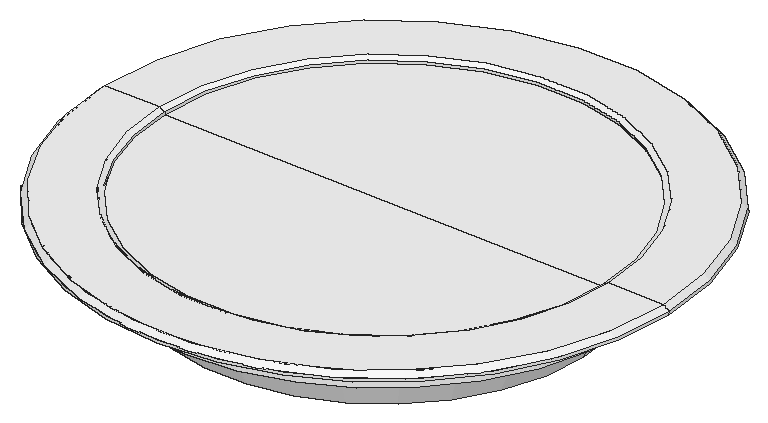
Revit family "0053882 Sylvania Lighting Fixture START eco Downlight Flat 2000lm 840", category Lighting Fixtures, host Face, Revit 2016
Family settings
  Host = Face
  Part Type = Normal
  Round Connector Dimension = Use Diameter
  OmniClass Number = 23.80.70.11.14.11
  OmniClass Title = Downlights
  Cut with Voids When Loaded = No
  Light Source = Yes
  Shared = No
  Room Calculation Point = No
Parameters (values of type "0053882 START eco Downlight Flat 2000lm 840 ")
  Weight = "5.712 kg"
  Wattage Comments = "n/a"
  Wattage = 23 W
  WarrantyStartDate [instance] = "n/a"
  WarrantyGuarantorParts = "n/a"
  WarrantyDurationUnit = "year"
  WarrantyDurationParts = "n/a"
  WarrantyDescription = "n/a"
  built-in parameter 1150110 = 1 (stored number, unit not read)
  Voltage = 230 V
  URL = "http://www.feilosylvania.com"
  TypeName = "START eco Downlight Flat 2000lm 840"
  Type Image = <None>
  Type Comments = "n/a"
  built-in parameter 1114217 = 1 (stored number, unit not read)
  Tilt Angle = -90.00°
  built-in parameter 1150109 = 1 (stored number, unit not read)
  built-in parameter 1150134 = 12
  built-in parameter 1150113 = 1 (stored number, unit not read)
  SerialNumber [instance] = "n/a"
  ReflectorMaterial = none
  RecessedHeight_FEILO = 27 mm
  RecessedDiameter_FEILO = 200 mm
  PowerFactor = 0
  PowerConsumption = "23 W"
  Photometric Web File = "0053297.ies"
  NominalLength = 220 mm
  NominalHeight = 27 mm
  NominalDepth = 220 mm
  Name = "START eco Downlight Flat 2000lm 840"
  ModelReference = Name  # "START eco Downlight Flat 2000lm 840"
  ModelNumber = "0053882"
  Model = Name  # "START eco Downlight Flat 2000lm 840"
  Material = "Polycarbonate"
  ManufacturerName = "Feilo Sylvania"
  Manufacturer = "Feilo Sylvania"
  LuminousEfficacy = "87 lm/W"
  built-in parameter 1150105 = 693.09 (stored number, unit not read)
  Lumens = 2001 lm
  LuminaireType = "LED recessed downlight"
  built-in parameter 1150115 = 1 (stored number, unit not read)
  LightOutputRatio = "1"
  built-in parameter 1150137 = (empty or 0)
  built-in parameter 1150139 = (empty or 0)
  LampsType = Lamp  # "LED"
  LampNominalLuminous = "2000 lm"
  LampMacAdamStep = "5"
  LampColourTemperature = "3000 K"
  LampColourRenderingIndex = "80"
  built-in parameter 1150112 = 1 (stored number, unit not read)
  built-in parameter 1150114 = 1 (stored number, unit not read)
  Lamp = "LED"
  Keynote = "16500"
  InstallationDate [instance] = "n/a"
  InputVoltage = "220-240V~"
  InputNominalFrequency = "50/60 Hz"
  built-in parameter 1150132 = (empty or 0)
  built-in parameter 1150102 = (empty or 0)
  built-in parameter 1150107 = 4000 (stored number, unit not read)
  built-in parameter 1150138 = (empty or 0)
  IngressProtection = "IP20"
  ImpactProtectionIndex = "IK06"
  built-in parameter 1150106 = 6.9309 (stored number, unit not read)
  IfcExportType = "IfcLightFixtureType"
  IfcExportAs = "IfcLightFixtureType"
  ExpectedLife = 50000
  Emit from Circle Diameter = BodyLength_FEILO - 48 mm  # 180 mm
  Emit Shape Visible in Rendering = no
  ElectricShockClassification = "Class II"
  built-in parameter 1150104 = 8.0826 (stored number, unit not read)
  DurationUnit = "hours"
  DocumentationLiterature = "http://www.feilosylvania.com/product/en-int/products/0053297"
  DimmingControlOptions = "Non dimmable"
  Dimming Lamp Color Temperature Shift = <None>
  DiffuserMaterial = Diffuser-Sylvania-Glow
  Description = "Integrated round recessed 220mm diameter LED downlight providing uniform distribution with an opal diffuser, 110° beam angle, 2000LM, 23W, 87lm/W, 4000K, CRI80, non-dimmable, IP20, IK06, 25,000hrs (L70)"
  Default Elevation = 1219.2 mm
  CutoutHeight_FEILO = RecessedHeight_FEILO + 10 mm  # 37 mm
  CreatedOn = "'03-11-2017"
  CreatedBy = "aron.fodor@feilosylvania.com"
  Cost = 0
  Color Filter = 16777215
  built-in parameter 1114216 [instance] = (empty or 0)
  ClassificationValue = "EF_70_80"
  ClassificationName = "Uniclass2015"
  BodyWidth_FEILO = BodyLength_FEILO  # 228 mm
  BodyMaterial = Body-Sylvania-SylFlatDimmable-White
  BodyLength_FEILO = 228 mm
  BarCode [instance] = "n/a"
  built-in parameter 1114218 = 1 (stored number, unit not read)
  built-in parameter 1150133 = 10 (stored number, unit not read)
  AssetType = "Fixed"
  AssetIdentifier [instance] = "n/a"
  Assembly Code = "D5020200"
  Apparent Load = 0 VA
  AccessoryMaterial = Diffuser-Sylvania-Glow
Reference planes
  plane 1 "Center (Front/Back)": y = 0
  plane 2: z = 0
  plane 3 "Center (Left/Right)": x = 0
  plane 4: x = 114
  plane 5: x = -114
  plane 6: y = 114
  plane 7: y = -114
  plane 8: z = 3
  plane 9: z = -27
  plane 10: x = 100
  plane 11: x = -100
  plane 12: y = 100
  plane 13: y = -100
  plane 14: z = 2
  plane 15: x = -90
  plane 16: z = -27
  plane 17: z = -37
  plane 18: x = -80
  plane 19: z = -10
  plane 20: z = 1
  plane 21: x = -112
  plane 22: x = -88
Forms (mm)
  Revolve 1, void
    sketch origin (0, 0, 0) x (1, 0, 0) y (0, 0, 1)
      loop
        line (0, 0) -> (-100, 0) -> (-100, -37) -> (0, -37) -> (0, 0)
      axis (0, 0) -> (0, -37)
    angle from 360 to 0
  Revolve 2, solid, material "Body-Sylvania-SylFlatDimmable-White" <- "BodyMaterial"
    sketch origin (0, 0, 0) x (1, 0, 0) y (0, 0, 1)
      loop
        line (0, 1) -> (-88, 1) -> (-88, 2) -> (-90, 3) -> (-112, 3) -> (-114, 1) -> (-114, 0) -> (-100, 0) -> (-100, -10) -> (-90, -10) -> (-80, -27) -> (0, -27) -> (0, 1)
      axis (0, 3) -> (0, -27)
    angle from 360 to 0
Dimensions and locks
  equal spacing: plane 5, plane 3 "Center (Left/Right)", plane 4
  equal spacing: plane 7, plane 1 "Center (Front/Back)", plane 6
  "BodyWidth_FEILO": plane 7 to plane 6
  "BodyLength_FEILO": plane 5 to plane 4
  locked: plane 8 to plane 2 at 3
  equal spacing: plane 11, plane 3 "Center (Left/Right)", plane 10
  "RecessedDiameter_FEILO": plane 11 to plane 10
  equal spacing: plane 13, plane 1 "Center (Front/Back)", plane 12
  "RecessedDiameter_FEILO": plane 13 to plane 12
  locked: plane 14 to plane 2 at 2
  locked: plane 15 to plane 5 at 24
  "RecessedHeight_FEILO": plane 2 to plane 16
  "CutoutHeight_FEILO": plane 2 to plane 17
  locked: plane 18 to plane 15 at 10
  locked: plane 2 to plane 19 at 10
  locked: plane 20 to plane 2 at 1
  locked: plane 21 to plane 5 at 2
  locked: plane 22 to plane 15 at 2
  aligned and locked: plane 2 to host face
  aligned and locked: level to host face
  aligned and locked: Revolve 1 sketch curve to plane 3 "Center (Left/Right)"
  aligned and locked: plane 17 to Revolve 1 sketch curve
  aligned and locked: plane 3 "Center (Left/Right)" to Revolve 1 sketch curve
  aligned and locked: Revolve 1 sketch curve to plane 11
  aligned and locked: level to Revolve 1 sketch curve
  aligned and locked: Revolve 2 sketch curve to plane 8
  aligned and locked: plane 5 to Revolve 2 sketch curve
  aligned and locked: Revolve 2 sketch curve to level
  aligned and locked: Revolve 2 sketch curve to plane 11
  aligned and locked: plane 19 to Revolve 2 sketch curve
  aligned and locked: plane 9 to Revolve 2 sketch curve
  aligned and locked: plane 3 "Center (Left/Right)" to Revolve 2 sketch curve
  aligned and locked: Revolve 2 sketch curve to plane 3 "Center (Left/Right)"
  aligned and locked: plane 3 "Center (Left/Right)" to imposter light
  aligned and locked: imposter light to plane 14
  aligned and locked: imposter light to plane 1 "Center (Front/Back)"
  aligned and locked: Revolve 2 sketch curve to plane 20
  aligned and locked: plane 22 to Revolve 2 sketch curve
Automatic sketch dimensions
  host sketch curve to host sketch curve = 2438.4 mm  (x2)
  plane 17 to Revolve 1 sketch curve = 577.6 mm
  Revolve 1 sketch curve to plane 8 = 2606.058 mm
  Revolve 2 sketch curve to plane 21 = 0 mm
  Revolve 2 sketch curve to plane 15 = 0 mm  (x2)
  Revolve 2 sketch curve to plane 14 = 0 mm
  Revolve 2 sketch curve to plane 18 = 0 mm
  Revolve 2 sketch curve to plane 20 = 0 mm
  plane 17 to Revolve 2 sketch curve = 572.6 mm
  Revolve 2 sketch curve to plane 8 = 2606.058 mm
Connectors
  electrical at (0, 0, 0), driven by "Apparent Load", driven by "PowerFactor", driven by "Voltage"
    settings: index 1, voltage 230 V, apparent load 0 VA, apparent load phase1 0 VA, apparent load phase2 0 VA, apparent load phase3 0 VA, power factor 0, load classification "Lighting", number of poles 1, system type 30, power factor state 1, is connector primary yes, connector utility no, sub classification motor no, connector description ""
